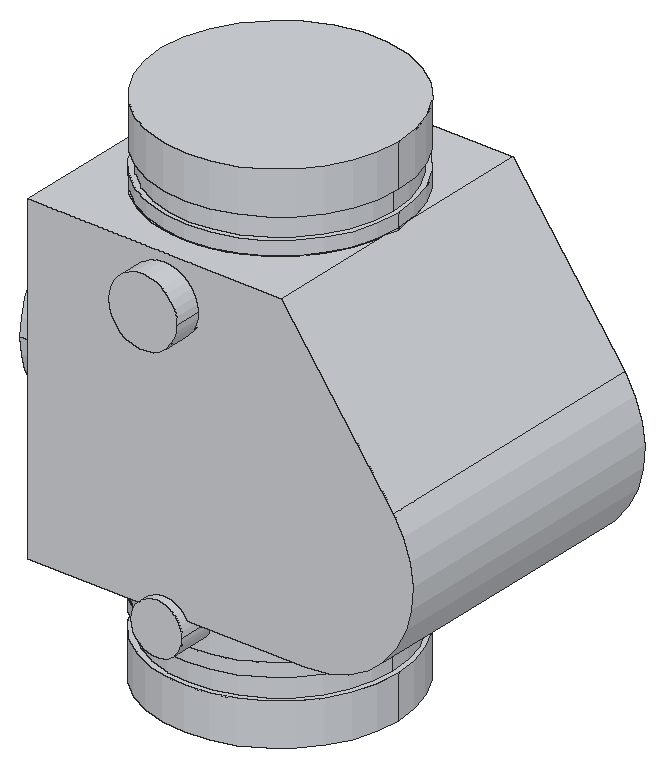
Revit family "3CK", category Generic Models, Revit 2016
Family settings
  Part Type = Normal
  Can host rebar = No
  Round Connector Dimension = Use Diameter
  Work Plane-Based = No
  Always vertical = Yes
  Cut with Voids When Loaded = No
  Shared = No
  Room Calculation Point = No
Reference planes (in)
  plane 1 "Center (Front/Back)": y = 0
  plane 2: z = 0
  plane 3 "Center (Left/Right)": x = 0
Dimensions and locks (in)
  aligned and locked: plane 2 to level
Nested families (in)
  nested 1: "3in Model G SWING CHECK Valve" at (0, 1.61806, 0), type "MODEL G SWING CHECK VALVE"
Connectors (in)
  piping at (0.00094, 1.62793, 7.625), diameter 3
    settings: on nested 1, index 1, connector inside diameter 24", connector length 0' - 0", flow factor 0, pipe flow 0 GPM, pressure drop 0.00 psi, fitting loss kfactor 0, connector angle 0.00°, fixture units 0, engagement length 0' - 0", angle of deflection 0.00°, flow configuration 0, flow direction 0, fitting loss method 0, system type 7, joint type 0, gender type 0, connector reference index -1, connector utility 0, adjustable connector no, is connector primary yes, connector description ""
  piping at (0, 1.61806, 0), diameter 3
    settings: on nested 1, index 2, connector inside diameter 24", connector length 0' - 0", flow factor 0, pipe flow 0 GPM, pressure drop 0.00 psi, fitting loss kfactor 0, connector angle 0.00°, fixture units 0, engagement length 0' - 0", angle of deflection 0.00°, flow configuration 0, flow direction 0, fitting loss method 0, system type 7, joint type 0, gender type 0, connector reference index -1, connector utility 0, adjustable connector no, is connector primary no, connector description ""
Definition of nested family "3in Model G SWING CHECK Valve"
  Reference planes (in)
    plane 1 "Center (Front/Back)": y = 0
    plane 2: z = 0
    plane 3 "Center (Left/Right)": x = 0
    plane 4 "ref.2": z = 0.62514
    plane 5: z = 7.625
    plane 6 "name": y = -3.125
    plane 7 "REF3": z = 0.93714
  Forms (in)
    Extrusion 1, solid
      sketch origin (0, 0, 0) x (1, 0, 0) y (0, 1, 0)
        loop
          circle (0, 0) r 1.75
      from 0 to 0.625
    Extrusion 2, solid
      sketch origin (0, 0, 0.62514) x (-1, 0, 0) y (0, -1, 0)
        loop
          circle (0, 0) r 1.75
      from 0.512 to 5.86286
    Extrusion 3, solid
      sketch origin (0, 0, 0) x (0, 1, 0) y (0, 0, 1)
        loop
          circle (0, 4) r 1.25
      from 0 to -2.81702
    Extrusion 4, solid
      sketch origin (0, 0, -0.01919) x (-1, 0, 0) y (0, 0, -1)
        loop
          line (-3.37349, -4.24972) -> (-1.73439, -6.50719) -> (2, -6.50719) -> (2, -1.76919) -> (-2.062, -1.76919) -> (-2.10912, -1.76919)
          arc (-2.10912, -1.76919) -> (-3.50121, -2.62212) -> (-3.37349, -4.24972) r 1.5625
      from -2.12251 to 2.12033
    Extrusion 5, solid
      sketch origin (0, 0, 0.62514) x (-1, 0, 0) y (0, -1, 0)
        loop
          circle (0, 0) r 1.672
      from 0 to 0.312
    Extrusion 6, solid
      sketch origin (0, 0, 0.93714) x (-1, 0, 0) y (0, -1, 0)
        loop
          circle (0, 0) r 1.75
      from 0 to 0.2
    Extrusion 7, solid
      sketch origin (0.00094, 0.00987, 7) x (0, 1, 0) y (-1, 0, 0)
        loop
          circle (0, 0) r 1.75
      from 0 to 0.625
    Extrusion 8, solid
      sketch origin (-0.00087, 0.00987, 6.688) x (0, -1, 0) y (1, 0, 0)
        loop
          circle (0, 0) r 1.6729
      from 0 to 0.312
    Extrusion 9, solid
      sketch origin (-0.0017, 0.00987, 6.488) x (0, -1, 0) y (1, 0, 0)
        loop
          circle (0, 0) r 1.75
      from 0 to 0.2
    Extrusion 10, solid
      sketch origin (0, 0, 0) x (1, 0, 0) y (0, 0, 1)
        loop
          circle (-0.00544, 5.86377) r 0.5
      from 0 to 2.50376
    Extrusion 11, solid
      sketch origin (0, 0, 0) x (1, 0, 0) y (0, 0, 1)
        loop
          circle (-0.00581, 1.58444) r 0.375
      from 0 to 2.25719
    Extrusion 12, solid
      sketch origin (0, 0, 0) x (0, 1, 0) y (0, 0, 1)
        loop
          circle (0, 1.58328) r 0.375
      from 0 to -2.1709
  Dimensions and locks (in)
    level to plane 5 = 0' - 7 5/8"
    aligned and locked: plane 2 to level
